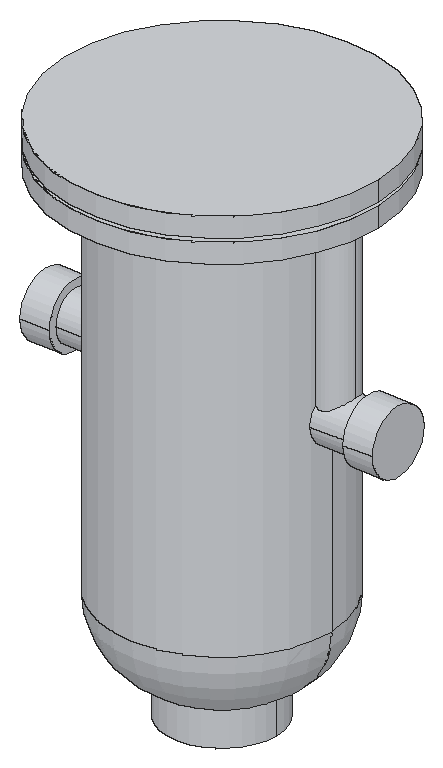
Revit family "KC FP Inline Component - PLACEHOLDER", category Pipe Accessories, Revit 2027
Family settings
  Round Connector Dimension = Use Radius
  Part Type = Valve - Breaks Into
  Work Plane-Based = No
  Always vertical = Yes
  Cut with Voids When Loaded = No
  Shared = No
Parameters (values of type "CV - Control valve 1-1/4in (locked open/supervised)")
  Type Comments = ""
  Socket Radius = Socket Diameter / 2  # 0' - 0 13/16"
  Socket Diameter = Nominal Diameter * 1.3  # 0' - 1 5/8"
  Radius 6 = Radius 2 - Radius 1  # 0' - 2.3"
  Radius 5 = Radius 2 * 1.1  # 0' - 3.08"
  Radius 4 = Radius 2 - 0' 0 1/4" - Radius 1  # 0' - 2.05"
  Radius 3 = Bucket Diameter / 4  # 0' - 1.4"
  Radius 2 = Bucket Diameter / 2  # 0' - 2.8"
  Radius 1 = Nominal Radius * 0.8  # 0' - 0 1/2"
  Pressure Drop [instance] = 7.252 psi
  Overall Length = 0' - 9"
  Overall Height = 1' - 1 5/8"
  Nominal Radius = 5/8"
  Nominal Diameter = Nominal Radius * 2  # 1 1/4"
  Length 2 = 0.7071 * Bucket Radius  # 0' - 1.97988"
  Length 1 = Bucket Radius - Radius 4  # 0' - 0 3/4"
  Inverted Bucket Steam Trap Material = none
  Height 1 = (0' 0 1/4" + Radius 1) * 1.1  # 0' - 0.825"
  Default Elevation = 0' - 0"
  Connector Offset = 0' - 7 13/16"
  Bucket Radius = Bucket Diameter / 2  # 0' - 2.8"
  Bucket Diameter = Body Diameter * 0.7  # 0' - 5.6"
  Body Radius = Body Diameter / 2  # 0' - 4"
  Body Diameter = 0' - 8"
Types (5): name | Type Comments
  CV - Control valve 1-1/4in (locked open/supervised) | "PLACEHOLDER - NFPA 13D control valve; lock or supervision per AHJ"
  BFP - Backflow preventer 1-1/4in dual check | "PLACEHOLDER - CSA B64.10 / BCPC; DuC vs DCVA per municipality"
  PG - Pressure gauge 1-1/4in | "PLACEHOLDER - NFPA 13D pressure gauge"
  DT - Drain and test valve 1-1/4in (25 mm drain) | "PLACEHOLDER - NFPA 13D drain & test; discharge to floor drain with air gap"
  FS - Waterflow switch 1-1/4in | "PLACEHOLDER - flow switch; interconnect to smoke alarms per AHJ"
Reference planes (in)
  plane 1 "Center (Front/Back)": y = 0
  plane 2: z = 0
  plane 3 "Center (Left/Right)": x = 0
  plane 4: z = -7.8125
  plane 5: z = -6.9875
  plane 6: z = -4.9375
  plane 7: z = 5.8125
  plane 8: z = 5.3125
  plane 9: z = 5.21875
  plane 10: z = 4.71875
  plane 11: x = -2.8
  plane 12: x = 2.8
  plane 13: x = 0.75
  plane 14: z = -4.7325
  plane 15: x = -2.925
  plane 16: x = -0.625
  plane 17: x = -4.5
  plane 18: x = 4.5
  plane 19: x = -3.75
  plane 20: x = 3.75
  plane 21: x = 2.925
  plane 22: x = -1.97988
  plane 23: x = 1.97988
Forms (in)
  Extrusion 1, solid, material <- "Inverted Bucket Steam Trap Material", detail levels fine
    sketch origin (0, 0, 0) x (1, 0, 0) y (0, 1, 0)
      loop
        circle (0, 0) r 2.8
    from -4.9375 to 4.71875
  Revolve 2, solid, material <- "Inverted Bucket Steam Trap Material", detail levels fine
    sketch origin (0, 0, 0) x (1, 0, 0) y (0, 0, 1)
      loop
        line (0, -6.9875) -> (0.75, -6.9875)
        arc (0.75, -6.9875) -> (2.19957, -6.38707) -> (2.8, -4.9375) r 2.05
        line (2.8, -4.9375) -> (0, -4.9375) -> (0, -6.9875)
      axis (0, -6.9875) -> (0, -4.9375)
    angle from 0 to 360
  Extrusion 3, solid, material <- "Inverted Bucket Steam Trap Material", detail levels fine
    sketch origin (0, 0, 0) x (1, 0, 0) y (0, 1, 0)
      loop
        circle (0, 0) r 1.4
    from -7.8125 to -4.9375
  Sweep 4, solid, material <- "Inverted Bucket Steam Trap Material", detail levels fine
    path in 3D
      loop
        arc (-2.925, 0, -4.7325) -> (-2.25135, 0, -6.35885) -> (-0.625, 0, -7.0325) r 2.3
    profile origin (-2.25135, 0, -6.35885) x (0.707107, 0, 0.707107) y (0, -1, 0)
      loop
        circle (0, 0) r 0.5
  Extrusion 5, solid, material <- "Inverted Bucket Steam Trap Material", detail levels fine
    sketch origin (0, 0, 0) x (1, 0, 0) y (0, 1, 0)
      loop
        circle (-2.925, 0) r 0.5
    from -4.7325 to 0
  Extrusion 6, solid, material <- "Inverted Bucket Steam Trap Material", detail levels fine
    sketch origin (0, 0, 0) x (0, 1, 0) y (0, 0, 1)
      loop
        circle (0, 0) r 0.625
    from -3.75 to 3.75
  Extrusion 7, solid, material <- "Inverted Bucket Steam Trap Material", detail levels fine
    sketch origin (0, 0, 0) x (0, 1, 0) y (0, 0, 1)
      loop
        circle (0, 0) r 0.8125
    from 3.75 to 4.5
  Extrusion 8, solid, material <- "Inverted Bucket Steam Trap Material", detail levels fine
    sketch origin (0, 0, 0) x (0, 1, 0) y (0, 0, 1)
      loop
        circle (0, 0) r 0.8125
    from -4.5 to -3.75
  Extrusion 9, solid, material <- "Inverted Bucket Steam Trap Material", detail levels fine
    sketch origin (0, 0, 0) x (1, 0, 0) y (0, 1, 0)
      loop
        circle (0, 0) r 4
    from 5.3125 to 5.8125
  Extrusion 10, solid, material <- "Inverted Bucket Steam Trap Material", detail levels fine
    sketch origin (0, 0, 0) x (1, 0, 0) y (0, 1, 0)
      loop
        circle (0, 0) r 4
    from 5.21875 to 4.71875
  Extrusion 11, solid, material <- "Inverted Bucket Steam Trap Material", detail levels fine
    sketch origin (0, 0, 0) x (1, 0, 0) y (0, 1, 0)
      loop
        circle (2.925, 0) r 0.5
    from 0 to 4.71875
Cuts and joins
  joined: Extrusion 1, Revolve 2, Extrusion 3, Sweep 4, Extrusion 5, Extrusion 6, Extrusion 7, Extrusion 8, Extrusion 9, Extrusion 10, Extrusion 11
Lines and regions (in)
  reference lines
    curve 1: arc (-2.925, 0, -4.7325) -> (-2.25135, 0, -6.35885) -> (-0.625, 0, -7.0325) r 2.3
  sketch lines
    curve 2: arc (-2.925, 0, -4.7325) -> (-2.25135, 0, -6.35885) -> (-0.625, 0, -7.0325) r 2.3
  model lines, detail levels coarse+medium
    curve 3: line (2.8, 0, 0) -> (5.3125, 0, 0)
    curve 4: line (-5.3125, 0, 0) -> (-2.8, 0, 0)
    curve 6: line (0, 0, 0) -> (1.9799, 1.9799, 0)
    curve 7: line (0, 0, 0) -> (-1.9799, -1.9799, 0)
    curve 8: line (0, 0, 0) -> (-1.9799, 1.9799, 0)
    curve 9: line (0, 0, 0) -> (1.9799, -1.9799, 0)
  model lines
    curve 5: circle (0, 0, 0) r 2.8 normal (0, 0, 1)
Dimensions and locks (in)
  "Connector Offset": plane 2 to plane 4
  "Height 1": plane 5 to plane 4
  "Radius 4": plane 6 to plane 5
  "Overall Height": plane 7 to plane 4
  locked: plane 7 to plane 8 at 0.5
  locked: plane 8 to plane 9 at 0.09375
  locked: plane 9 to plane 10 at 0.5
  "Bucket Radius": plane 3 "Center (Left/Right)" to plane 11
  "Bucket Radius": plane 12 to plane 3 "Center (Left/Right)"
  "Length 1": plane 13 to plane 3 "Center (Left/Right)"
  "Radius 5": plane 14 to plane 4
  locked: plane 11 to plane 15 at 0.125
  "Radius 6": plane 16 to plane 15
  equal spacing: plane 18, plane 3 "Center (Left/Right)", plane 17
  "Overall Length": plane 18 to plane 17
  locked: plane 19 to plane 17 at 0.75
  locked: plane 18 to plane 20 at 0.75
  locked: plane 21 to plane 12 at 0.125
  "Length 2": plane 22 to plane 3 "Center (Left/Right)"
  "Length 2": plane 3 "Center (Left/Right)" to plane 23
  "Bucket Radius": radius of Extrusion 1 sketch curve
  "Radius 4": radius of Revolve 2 sketch curve
  "Radius 3": radius of Extrusion 3 sketch curve
  "Radius 6": radius of curve 1
  "Radius 1": radius of Sweep 4 sketch curve
  "Radius 1": radius of Extrusion 5 sketch curve
  "Nominal Radius": radius of Extrusion 6 sketch curve
  "Socket Radius": radius of Extrusion 7 sketch curve
  "Socket Radius": radius of Extrusion 8 sketch curve
  "Body Radius": radius of Extrusion 9 sketch curve
  "Body Radius": radius of Extrusion 10 sketch curve
  "Radius 1": radius of Extrusion 11 sketch curve
  "Bucket Radius": radius of curve 5
  locked: plane 1 "Center (Front/Back)" to curve 6 (angle 45.00°)
  locked: curve 8 to plane 1 "Center (Front/Back)" (angle 45.00°)
  aligned and locked: plane 1 "Center (Front/Back)" to Extrusion 1 sketch curve
  aligned and locked: plane 3 "Center (Left/Right)" to Extrusion 1 sketch curve
  aligned and locked: Extrusion 1 to plane 6
  aligned and locked: plane 10 to Extrusion 1
  aligned and locked: plane 13 to Revolve 2 sketch curve  (x2)
  aligned and locked: plane 3 "Center (Left/Right)" to Revolve 2 sketch curve  (x3)
  aligned and locked: Revolve 2 sketch curve to plane 6
  aligned and locked: plane 5 to Revolve 2 sketch curve
  aligned and locked: plane 6 to Revolve 2 sketch curve
  aligned and locked: plane 1 "Center (Front/Back)" to Extrusion 3 sketch curve
  aligned and locked: plane 3 "Center (Left/Right)" to Extrusion 3 sketch curve
  aligned and locked: Extrusion 3 to plane 4
  aligned and locked: plane 6 to Extrusion 3
  aligned and locked: plane 14 to curve 1
  aligned and locked: plane 16 to curve 1
  aligned and locked: plane 1 "Center (Front/Back)" to Sweep 4 sketch curve
  aligned and locked: plane 1 "Center (Front/Back)" to Extrusion 5 sketch curve
  aligned and locked: plane 15 to Extrusion 5 sketch curve
  aligned and locked: Extrusion 5 to cut or joined group 1 (Extrusion 1, Revolve 2, Extrusion 3, Sweep 4, Extrusion 5, Extrusion 6, Extrusion 7, Extrusion 8, Extrusion 9, Extrusion 10, Extrusion 11)
  aligned and locked: plane 2 to Extrusion 5
  aligned and locked: plane 2 to Extrusion 6 sketch curve
  aligned and locked: plane 1 "Center (Front/Back)" to Extrusion 6 sketch curve
  aligned and locked: Extrusion 6 to plane 19
  aligned and locked: plane 20 to Extrusion 6
  aligned and locked: plane 2 to Extrusion 7 sketch curve
  aligned and locked: plane 1 "Center (Front/Back)" to Extrusion 7 sketch curve
  aligned and locked: Extrusion 7 to cut or joined group 1
  aligned and locked: plane 18 to Extrusion 7
  aligned and locked: plane 2 to Extrusion 8 sketch curve
  aligned and locked: plane 1 "Center (Front/Back)" to Extrusion 8 sketch curve
  aligned and locked: Extrusion 8 to plane 17
  aligned and locked: Extrusion 8 to cut or joined group 1
  aligned and locked: plane 1 "Center (Front/Back)" to Extrusion 9 sketch curve
  aligned and locked: plane 3 "Center (Left/Right)" to Extrusion 9 sketch curve
  aligned and locked: Extrusion 9 to plane 8
  aligned and locked: plane 7 to Extrusion 9
  aligned and locked: Extrusion 10 to plane 9
  aligned and locked: Extrusion 10 to plane 10
  aligned and locked: plane 1 "Center (Front/Back)" to Extrusion 11 sketch curve
  aligned and locked: plane 21 to Extrusion 11 sketch curve
  aligned and locked: Extrusion 11 to level
  aligned and locked: plane 10 to Extrusion 11
  aligned and locked: plane 1 "Center (Front/Back)" to curve 3
  aligned and locked: plane 11 to curve 4
  aligned and locked: plane 1 "Center (Front/Back)" to curve 4
Automatic sketch dimensions
  Sweep 4 sketch curve to profile plane = 0' - 0"
  Extrusion 10 sketch curve to plane 1 "Center (Front/Back)" = 0' - 0"
  Extrusion 10 sketch curve to plane 3 "Center (Left/Right)" = 0' - 0"
  curve 6 to plane 1 "Center (Front/Back)" = 0' - 0"
  curve 6 to plane 3 "Center (Left/Right)" = 0' - 0"
  curve 5 to plane 1 "Center (Front/Back)" = 0' - 0"
  curve 4 to plane 17 = 0' - 0 13/16"
  plane 18 to curve 3 = 0' - 0 13/16"
  Revolve 2 sketch curve to level = 0' - 0 1/4"
  level to Revolve 2 sketch curve = 0' - 0 1/2"
Connectors (in)
  piping at (-4.5, 0, 0), diameter 1.25, driven by "Nominal Radius"
    settings: on cut or joined group 1, index 1, connector inside diameter 3/4", connector length 0' - 0", flow factor 0, pipe flow 0 GPM, pressure drop 0.00 psi, fitting loss kfactor 0, connector angle 0.00°, fixture units 0, engagement length 0' - 0", angle of deflection 0.00°, flow configuration 0, flow direction 1, fitting loss method 4, system type 22, joint type 0, gender type 0, connector reference index 2, connector utility 0, adjustable connector no, is connector primary yes, connector description "Condensate In"
  piping at (4.5, 0, 0), diameter 1.25, driven by "Nominal Radius", driven by "Pressure Drop"
    settings: on cut or joined group 1, index 2, connector inside diameter 3/4", connector length 0' - 0", flow factor 0, pipe flow 0 GPM, pressure drop 7.252 psi, fitting loss kfactor 0, connector angle 0.00°, fixture units 0, engagement length 0' - 0", angle of deflection 0.00°, flow configuration 0, flow direction 2, fitting loss method 4, system type 22, joint type 0, gender type 0, connector reference index 1, connector utility 0, adjustable connector no, is connector primary no, connector description "Condensate Out"
